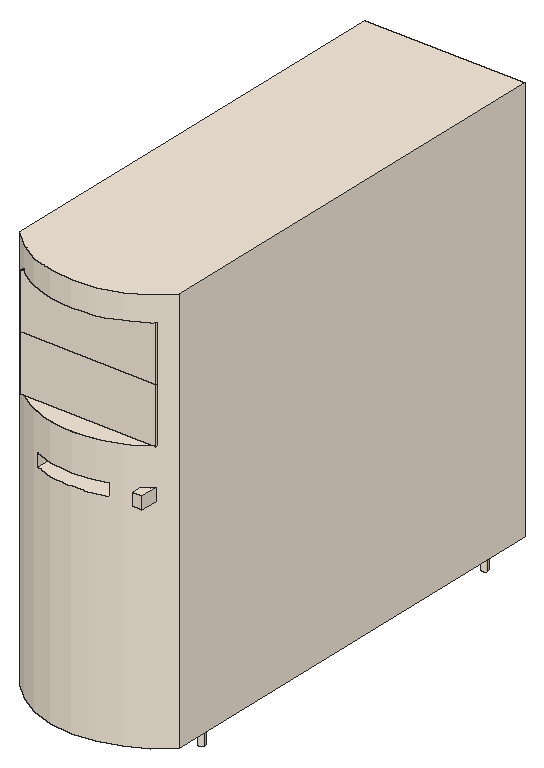
Revit family
Parameters
  Assembly Code = "E1010800"
Reference planes (in)
  plane 1 "Center F/B": y = 1.73077
  plane 2: z = 0
  plane 3 "Center L/R": x = 0.47935
  plane 4: x = -2.77065
  plane 5: x = 3.72935
Forms (in)
  Extrusion 1, solid, material "Plastic - White"
    sketch origin (0, 0, 0) x (1, 0, 0) y (0, 1, 0)
      loop
        line (-2.77065, 10.48077) -> (-2.77065, -7.01923)
        arc (-2.77065, -7.01923) -> (0.47935, -8.46545) -> (3.72935, -7.01923) r 4.37488
        line (3.72935, -7.01923) -> (3.72935, 10.48077) -> (-2.77065, 10.48077)
    from 1 to 17.5
  Extrusion 2, solid, material "Plastic - White"
    sketch origin (0, 0, 0) x (1, 0, 0) y (0, 1, 0)
      loop
        circle (3.0345, -5.03927) r 0.125
      loop
        circle (-1.94093, -5.03927) r 0.125
      loop
        circle (2.97382, 9.40162) r 0.125
      loop
        circle (-2.12296, 9.40162) r 0.125
    from 0 to 1
  Extrusion 3, void
    sketch origin (-0.30223, 0, 0) x (1, 0, 0) y (0, 1, 0)
      loop
        line (-1.98186, -9.43829) -> (3.48665, -9.43829) -> (3.48665, -4.22015) -> (-1.98186, -4.22015) -> (-1.98186, -9.43829)
    from 12 to 16.5
  Extrusion 4, void
    sketch origin (0, 0, 0) x (1, 0, 0) y (0, 1, 0)
      loop
        line (-1.15215, -9.04389) -> (1.84785, -9.04389) -> (1.84785, -7.04389) -> (-1.15215, -7.04389) -> (-1.15215, -9.04389)
    from 10 to 10.5
  Extrusion 5, solid, material "Plastic - White"
    sketch origin (0.06371, 0, 0) x (1, 0, 0) y (0, 1, 0)
      loop
        line (2.72935, -8.26923) -> (3.12071, -8.26923) -> (3.12071, -7.56546) -> (2.72935, -7.56546) -> (2.72935, -8.26923)
    from 10 to 10.5
  Extrusion 6, solid, material "Plastic - White"
    sketch origin (3.18442, -4.22015, 16.5) x (0, 0, -1) y (-1, 0, 0)
      loop
        line (4.5, 5.46851) -> (2.25, 5.46851) -> (2.25, 0) -> (4.5, 0) -> (4.5, 5.46851)
    from -3.34532 to 0
  Extrusion 7, solid, material "Plastic - White"
    sketch origin (3.18442, -4.22015, 16.5) x (0, 0, -1) y (-1, 0, 0)
      loop
        line (2.25, 5.46851) -> (0, 5.46851) -> (0, 0) -> (2.25, 0) -> (2.25, 5.46851)
    from -3.34532 to 0
Cuts and joins
  Extrusion 3, Extrusion 4 cuts Extrusion 1
  Extrusion 3, Extrusion 4 cuts Extrusion 2
Lines and regions (in)
  symbolic lines
    curve 1: line (-2.77065, 10.48077, 0) -> (-2.77065, -7.01923, 0)
    curve 2: line (3.72935, 10.48077, 0) -> (-2.77065, 10.48077, 0)
    curve 3: line (3.72935, -7.01923, 0) -> (3.72935, 10.48077, 0)
    curve 4: arc (-2.77065, -7.01923, 0) -> (0.47935, -8.46545, 0) -> (3.72935, -7.01923, 0) r 4.37488
